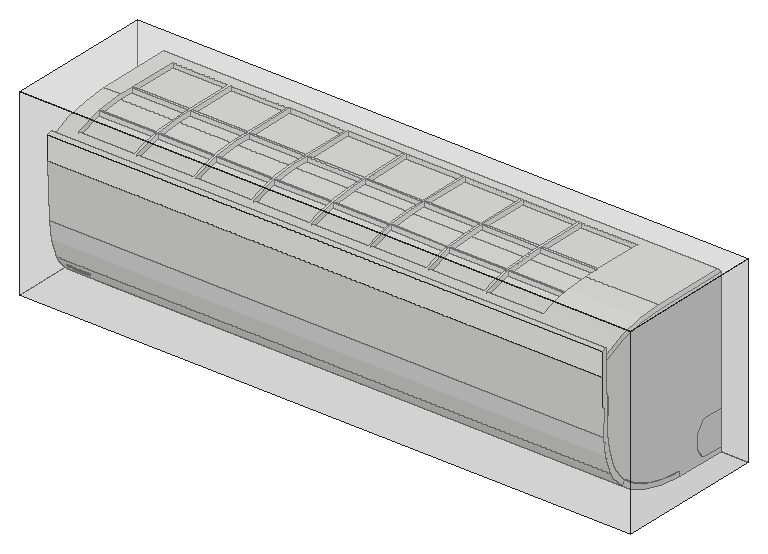
Revit family "outputfile", category 機械設備, Revit 2024 (continued)
Definition of nested family "DAIKIN_indoorunit_FTKF-T2VMA"
  Automatic sketch dimensions
    Extrusion 22 sketch curve to Extrusion 22 sketch curve = 20.0 mm  (x2)
    Extrusion 22 sketch curve to level = 287.035 mm
    Extrusion 23 sketch curve to plane 1 "Center (Front/Back)" = 0.0 mm
    Extrusion 23 sketch curve to Extrusion 23 sketch curve = 20.0 mm  (x2)
    Extrusion 23 sketch curve to level = 287.035 mm
    plane 1 "Center (Front/Back)" to Extrusion 24 sketch curve = 0.0 mm  (x2)
    plane 3 "Center (Left/Right)" to Extrusion 24 sketch curve = 469.0 mm
    Extrusion 24 sketch curve to Extrusion 24 sketch curve = 20.0 mm  (x4)
    Extrusion 24 sketch curve to plane 3 "Center (Left/Right)" = 409.0 mm
  Nested families
    nested 1: "daikin_logo_plane_w40" at (-320, -198.871, -233.244) x (1, 0, 0) z (0, -0.7841, -0.6206), visible <- "switch_unit1_20-50", type "daikin_logo_plane_w40"
      with show_logo yes
    nested 2: "daikin_logo_plane_w40" at (-430, -237.74, -233.244) x (1, 0, 0) z (0, -0.7841, -0.6206), visible <- "switch_unit1_60-71", type "daikin_logo_plane_w40"
      with show_logo yes
  Definition of nested family "daikin_logo_plane_w40"
    Parameters (values of type "daikin_logo_plane_w40")
      width = 40.0 mm
      show_logo [instance] = yes
      material = none
      height = 0.0 mm
      depth = 0.0 mm
      Default Elevation = 1219.2 mm
    Reference planes
      plane 1 "Center (Front/Back)": y = 0
      plane 2: z = 0
      plane 3 "Center (Left/Right)": x = 0
      plane 4: z = 2
      plane 5 "left": x = -19
      plane 6: x = 19
    Forms (mm)
      Extrusion 1, solid, visible <- "show_logo"
        sketch origin (-19, 0, 0) x (1, 0, 0) y (0, 1, 0)
          loop
            line (8.902, -1.878) -> (7.789, -6.332) -> (11.13, -6.332)
            arc (11.13, -6.332) -> (12.454, -6.064) -> (13.472, -5.176) r 2.642
            arc (13.472, -5.176) -> (13.92, -4.02) -> (13.767, -2.79) r 2.537
            arc (13.767, -2.79) -> (13.452, -2.342) -> (12.982, -2.06) r 1.321
            arc (12.982, -2.06) -> (12.063, -1.902) -> (11.13, -1.878) r 6.479
            line (11.13, -1.878) -> (8.902, -1.878)
          loop
            line (10.016, -5.441) -> (10.907, -5.441)
            arc (10.907, -5.441) -> (11.591, -4.983) -> (11.988, -4.261) r 1.742
            spline (11.988, -4.261) -> (12.01, -4.155) -> (12.027, -4.03) -> (12.037, -3.893) -> (12.037, -3.747) -> (12.026, -3.598) -> (12.002, -3.451) -> (11.962, -3.31) -> (11.905, -3.181) -> (11.829, -3.069) -> (11.731, -2.978) -> (11.61, -2.913) -> (11.464, -2.88)
            line (11.464, -2.88) -> (10.573, -2.88) -> (10.016, -5.441)
          loop
            line (13.58, -6.332) -> (14.805, -6.332) -> (15.223, -5.553) -> (16.977, -5.553) -> (17.144, -6.332) -> (19.149, -6.332) -> (18.258, -1.878) -> (16.03, -1.878) -> (13.58, -6.332)
          loop
            line (16.476, -3.214) -> (15.76, -4.551) -> (16.762, -4.551) -> (16.476, -3.214)
          loop
            line (19.705, -6.332) -> (21.599, -6.332) -> (22.712, -1.878) -> (20.819, -1.878) -> (19.705, -6.332)
          loop
            line (22.712, -6.332) -> (24.606, -6.332) -> (24.908, -5.122) -> (25.831, -6.332) -> (28.17, -6.332) -> (26.388, -3.994) -> (28.949, -1.878) -> (26.945, -1.878) -> (25.401, -3.153) -> (25.719, -1.878) -> (23.826, -1.878) -> (22.712, -6.332)
          loop
            line (29.84, -1.878) -> (28.615, -6.332) -> (30.62, -6.332) -> (31.734, -1.878) -> (29.84, -1.878)
          loop
            line (31.734, -6.332) -> (33.07, -6.332) -> (33.7, -3.814) -> (34.518, -6.332) -> (36.745, -6.332) -> (37.859, -1.878) -> (36.523, -1.878) -> (35.845, -4.589) -> (34.963, -1.878) -> (32.847, -1.878) -> (31.734, -6.332)
        from 0 to 2
      Extrusion 2, solid, visible <- "show_logo"
        sketch origin (-19, 0, 0) x (1, 0, 0) y (0, 1, 0)
          loop
            line (8.7, 0) -> (4.235, 0) -> (0, -3.879) -> (0, -8) -> (8.7, 0)
        from 0 to 2
      Extrusion 3, solid, visible <- "show_logo"
        sketch origin (-19, 0, 0) x (1, 0, 0) y (0, 1, 0)
          loop
            line (0, 0) -> (0, -3.879) -> (4.235, 0) -> (0, 0)
        from 0 to 2
    Dimensions and locks
      plane 4 to plane 2 = 2.0 mm
      equal spacing: plane 5 "left", plane 3 "Center (Left/Right)", plane 6
      locked: plane 5 "left" to plane 6 at 38
      aligned and locked: level to plane 2
      aligned and locked: Extrusion 3 to plane 1 "Center (Front/Back)"  (x2)
      aligned and locked: Extrusion 2 to plane 1 "Center (Front/Back)"  (x2)
      aligned and locked: plane 4 to Extrusion 1
      aligned and locked: plane 4 to Extrusion 3
      aligned and locked: plane 4 to Extrusion 2
      aligned and locked: Extrusion 3 to plane 5 "left"
      aligned and locked: Extrusion 2 to plane 5 "left"
    Automatic sketch dimensions
      Extrusion 1 sketch curve to Extrusion 1 sketch curve = 0.901 mm
      Extrusion 1 sketch curve to Extrusion 1 sketch curve = 1.559 mm
      Extrusion 1 sketch curve to Extrusion 1 sketch curve = 1.327 mm
      Extrusion 1 sketch curve to Extrusion 1 sketch curve = 2.145 mm
      Extrusion 1 sketch curve to Extrusion 1 sketch curve = 1.448 mm
      Extrusion 1 sketch curve to Extrusion 1 sketch curve = 2.116 mm
      Extrusion 1 sketch curve to Extrusion 1 sketch curve = 1.114 mm  (x4)
      Extrusion 1 sketch curve to Extrusion 1 sketch curve = 1.336 mm  (x2)
      plane 1 "Center (Front/Back)" to Extrusion 1 sketch curve = 1.878 mm  (x5)
      Extrusion 1 sketch curve to Extrusion 1 sketch curve = 1.893 mm  (x5)
      Extrusion 1 sketch curve to Extrusion 1 sketch curve = 0.891 mm  (x4)
      Extrusion 1 sketch curve to Extrusion 1 sketch curve = 2.005 mm  (x3)
      Extrusion 1 sketch curve to Extrusion 1 sketch curve = 0.445 mm  (x2)
      plane 1 "Center (Front/Back)" to Extrusion 1 sketch curve = 3.994 mm
      Extrusion 1 sketch curve to Extrusion 1 sketch curve = 0.557 mm  (x2)
      Extrusion 1 sketch curve to Extrusion 1 sketch curve = 2.339 mm  (x2)
      Extrusion 1 sketch curve to Extrusion 1 sketch curve = 1.225 mm  (x3)
      plane 1 "Center (Front/Back)" to Extrusion 1 sketch curve = 3.153 mm
      Extrusion 1 sketch curve to Extrusion 1 sketch curve = 0.987 mm
      plane 1 "Center (Front/Back)" to Extrusion 1 sketch curve = 5.122 mm
      Extrusion 1 sketch curve to Extrusion 1 sketch curve = 0.922 mm
      plane 1 "Center (Front/Back)" to Extrusion 1 sketch curve = 6.332 mm
      Extrusion 1 sketch curve to Extrusion 1 sketch curve = 2.562 mm
      plane 1 "Center (Front/Back)" to Extrusion 1 sketch curve = 5.553 mm
      Extrusion 1 sketch curve to Extrusion 1 sketch curve = 0.167 mm
      Extrusion 1 sketch curve to Extrusion 1 sketch curve = 0.215 mm
      plane 1 "Center (Front/Back)" to Extrusion 1 sketch curve = 3.214 mm
      Extrusion 1 sketch curve to Extrusion 1 sketch curve = 0.286 mm
      plane 1 "Center (Front/Back)" to Extrusion 1 sketch curve = 4.551 mm
      Extrusion 1 sketch curve to Extrusion 1 sketch curve = 1.002 mm
      Extrusion 1 sketch curve to Extrusion 1 sketch curve = 0.537 mm
      Extrusion 1 sketch curve to Extrusion 1 sketch curve = 0.418 mm
      Extrusion 1 sketch curve to Extrusion 1 sketch curve = 1.028 mm
      plane 1 "Center (Front/Back)" to Extrusion 1 sketch curve = 4.261 mm
      Extrusion 1 sketch curve to Extrusion 1 sketch curve = 0.563 mm
      plane 1 "Center (Front/Back)" to Extrusion 1 sketch curve = 2.88 mm
      Extrusion 1 sketch curve to Extrusion 1 sketch curve = 1.088 mm
      Extrusion 1 sketch curve to Extrusion 1 sketch curve = 2.152 mm
      Extrusion 1 sketch curve to Extrusion 1 sketch curve = 0.586 mm
      Extrusion 1 sketch curve to Extrusion 1 sketch curve = 0.118 mm
      Extrusion 1 sketch curve to Extrusion 1 sketch curve = 0.298 mm
      Extrusion 1 sketch curve to Extrusion 1 sketch curve = 0.334 mm
      Extrusion 1 sketch curve to Extrusion 1 sketch curve = 0.223 mm
      Extrusion 1 sketch curve to Extrusion 1 sketch curve = 0.266 mm
      Extrusion 1 sketch curve to Extrusion 1 sketch curve = 1.671 mm
      Extrusion 1 sketch curve to Extrusion 1 sketch curve = 2.227 mm
      Extrusion 1 sketch curve to Extrusion 1 sketch curve = 0.0 mm  (x7)
      Extrusion 1 sketch curve to Extrusion 1 sketch curve = 3.453 mm
      Extrusion 1 sketch curve to Extrusion 1 sketch curve = 2.017 mm
      Extrusion 1 sketch curve to Extrusion 1 sketch curve = 0.78 mm  (x2)
      Extrusion 1 sketch curve to Extrusion 1 sketch curve = 1.743 mm
      Extrusion 1 sketch curve to Extrusion 1 sketch curve = 0.775 mm
      Extrusion 1 sketch curve to Extrusion 1 sketch curve = 0.552 mm
      Extrusion 1 sketch curve to Extrusion 1 sketch curve = 0.014 mm
      Extrusion 1 sketch curve to Extrusion 1 sketch curve = 0.952 mm
      Extrusion 1 sketch curve to Extrusion 1 sketch curve = 1.215 mm
      Extrusion 1 sketch curve to Extrusion 1 sketch curve = 0.108 mm
      plane 1 "Center (Front/Back)" to Extrusion 2 sketch curve = 0.0 mm
      Extrusion 2 sketch curve to plane 3 "Center (Left/Right)" = 19.0 mm
      Extrusion 2 sketch curve to plane 3 "Center (Left/Right)" = 14.765 mm
      Extrusion 2 sketch curve to Extrusion 2 sketch curve = 4.465 mm
      plane 1 "Center (Front/Back)" to Extrusion 2 sketch curve = 3.879 mm
      Extrusion 2 sketch curve to Extrusion 2 sketch curve = 4.12 mm
      plane 1 "Center (Front/Back)" to Extrusion 3 sketch curve = 0.0 mm
      Extrusion 3 sketch curve to plane 3 "Center (Left/Right)" = 19.0 mm
      Extrusion 3 sketch curve to plane 3 "Center (Left/Right)" = 14.765 mm
      plane 1 "Center (Front/Back)" to Extrusion 3 sketch curve = 3.879 mm
      Extrusion 1 sketch curve to plane 3 "Center (Left/Right)" = 11.211 mm
      Extrusion 1 sketch curve to Extrusion 1 sketch curve = 1.782 mm
Definition of nested family "daikin_connector_rotate3"
  Parameters (values of type "daikin_connector_rotate3")
    show [instance] = yes
    radius [instance] = 10.0 mm
    length [instance] = 600.0 mm
    angle_horizontal [instance] = 60.00°
    angle_vertical [instance] = 90.00°
    Default Elevation = 1219.2 mm
  Reference planes
    plane 1 "Center (Front/Back)": y = 0
    plane 2: z = 0
    plane 3 "Center (Left/Right)": x = 0
  Dimensions and locks
    "angle_horizontal": angle plane 3 "Center (Left/Right)" to nested 1
    aligned and locked: level to plane 2
    aligned and locked: plane 1 "Center (Front/Back)" to nested 1  (x2)
    aligned and locked: plane 3 "Center (Left/Right)" to nested 1
  Nested families
    nested 1: "daikin_connector_rotate2" at (0, 0, 0) x (0.5, 0.866, 0) z (0, 0, 1), angle_vertical <- "angle_vertical", length <- "length", radius <- "radius", type "daikin_connector_rotate2"
      with radius 10.0 mm, length 600.0 mm, angle_vertical 90.00°
  Definition of nested family "daikin_connector_rotate2"
    Parameters (values of type "daikin_connector_rotate2")
      show_face = yes
      radius [instance] = 10.0 mm
      length [instance] = 600.0 mm
      d_surface = 10.0 mm
      angle_vertical [instance] = 90.00°
      Default Elevation = 0.0 mm
    Reference planes
      plane 1 "Center (Front/Back)": y = 0
      plane 2: z = 0
      plane 3 "Center (Left/Right)": x = 0
    Forms (mm)
      Extrusion 1, solid, visible <- "show_face"
        sketch origin (0, -600, 0) x (1, 0, 0) y (0, 0, 1)
          loop
            circle (0, 0) r 10
        from 0 to -10
    Lines and regions (mm)
      reference lines
        curve 1: line (0, 0, 0) -> (0, -600, 0)
      symbolic lines
        curve 2: circle (0, 0, 0) r 5 normal (0, 0, 1)
      model lines, visible <- "show_face"
        curve 3: line (0, 0, 0) -> (0, -600, 0)
    Dimensions and locks
      "length": curve 1 to curve 1
      "length": curve 3 to curve 3
      "d_surface": Extrusion 1 to Extrusion 1
      "radius": radius of Extrusion 1 sketch curve
      "angle_vertical": angle curve 1 to plane 1 "Center (Front/Back)"
      "angle_vertical": angle curve 3 to plane 1 "Center (Front/Back)"
      aligned and locked: level to plane 2
      aligned and locked: plane 1 "Center (Front/Back)" to curve 1
      aligned and locked: plane 2 to curve 1
      aligned and locked: plane 1 "Center (Front/Back)" to curve 2
      aligned and locked: plane 3 "Center (Left/Right)" to curve 2
      aligned and locked: plane 1 "Center (Front/Back)" to curve 3
      aligned and locked: plane 2 to curve 3
      aligned and locked: Extrusion 1 to Extrusion 1
    Automatic sketch dimensions
      Extrusion 1 sketch curve to level = 0.0 mm
      Extrusion 1 sketch curve to plane 3 "Center (Left/Right)" = 0.0 mm
      radius of curve 2 = 5.0 mm
